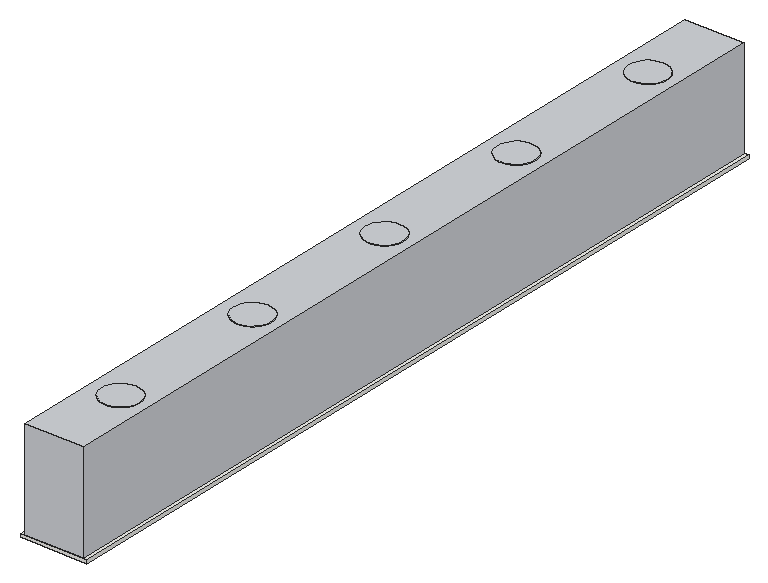
Revit family "MADEL_GRILL_LINEAR_LMT-15+(PLRX) – (5.D1)_tarifa", category Terminales de aire, Revit 2015
Parameters (values of type "LMT-15+PLRX 1300x75")
  n_factor [instance] = 30.587  # constant formula
  m_factor = 1.8995  # constant formula
  c_factor [instance] = 1.4086  # constant formula
  b_factor = 0.2676  # constant formula
  V1 [instance] = if(or(ARI, ARD, INT), 1 = 0, 1 = 1)  # yes
  Revit Version = "Revit 2015 - Englsih"  # constant formula
  Review Date = "11/2016"  # constant formula
  Q_Connector [instance] = Q / 5  # 108.799 m³/h
  Q [instance] = 543.996 m³/h
  Product Type [instance] = Modelo  # "LMT-15+PLRX 1300x75"
  Product Size = "1300x75"
  Product Reference [instance] = if(PLRX, if(AIS, if(R, if(SP, if(DD, if(Nº Options = 7, if([(S)], if(ARD, "LMT-15-DD-ARD+SP+PLRX+AIS+R (S)", if(INT, "LMT-15-DD-INT+SP+PLRX+AIS+R (S)", if(ARI, "LMT-15-DD-ARI+SP+PLRX+AIS+R (S)", "Consult Manufacturer"))), if([(O)], if(ARD, "LMT-15-DD-ARD+SP+PLRX+AIS+R (O)", if(INT, "LMT-15-DD-INT+SP+PLRX+AIS+R (O)", if(ARI, "LMT-15-DD-ARI+SP+PLRX+AIS+R (O)", "Consult Manufacturer"))), "Consult Manufacturer")), if(Nº Options = 6, if(ARD, "LMT-15-DD-ARD+SP+PLRX+AIS+R", if([(S)], "LMT-15-DD+SP+PLRX+AIS+R (S)", if([(O)], "LMT-15-DD+SP+PLRX+AIS+R (O)", if(INT, "LMT-15-DD-INT+SP+PLRX+AIS+R", if(ARI, "LMT-15-DD-ARI+SP+PLRX+AIS+R", "Consult Manufacturer"))))), if(Nº Options = 5, "LMT-15-DD+SP+PLRX+AIS+R", "Consult Manufacturer"))), if(Nº Options = 6, if([(S)], if(ARD, "LMT-15-ARD+SP+PLRX+AIS+R (S)", if(INT, "LMT-15-INT+SP+PLRX+AIS+R (S)", if(ARI, "LMT-15-ARI+SP+PLRX+AIS+R (S)", "Consult Manufacturer"))), if([(O)], if(ARD, "LMT-15-ARD+SP+PLRX+AIS+R (O)", if(INT, "LMT-15-INT+SP+PLRX+AIS+R (O)", if(ARI, "LMT-15-ARI+SP+PLRX+AIS+R (O)", "Consult Manufacturer"))), "Consult Manufacturer")), if(Nº Options = 5, if(ARD, "LMT-15-ARD+SP+PLRX+AIS+R", if([(S)], "LMT-15+SP+PLRX+AIS+R (S)", if([(O)], "LMT-15+SP+PLRX+AIS+R (O)", if(INT, "LMT-15-INT+SP+PLRX+AIS+R", if(ARI, "LMT-15-ARI+SP+PLRX+AIS+R", "Consult Manufacturer"))))), if(Nº Options = 4, "LMT-15+SP+PLRX+AIS+R", "Consult Manufacturer")))), if(DD, if(Nº Options = 6, if([(S)], if(ARD, "LMT-15-DD-ARD+PLRX+AIS+R (S)", if(INT, "LMT-15-DD-INT+PLRX+AIS+R (S)", if(ARI, "LMT-15-DD-ARI+PLRX+AIS+R (S)", "Consult Manufacturer"))), if([(O)], if(ARD, "LMT-15-DD-ARD+PLRX+AIS+R (O)", if(INT, "LMT-15-DD-INT+PLRX+AIS+R (O)", if(ARI, "LMT-15-DD-ARI+PLRX+AIS+R (O)", "Consult Manufacturer"))), "Consult Manufacturer")), if(Nº Options = 5, if(ARD, "LMT-15-DD-ARD+PLRX+AIS+R", if([(S)], "LMT-15-DD+PLRX+AIS+R (S)", if([(O)], "LMT-15-DD+PLRX+AIS+R (O)", if(INT, "LMT-15-DD-INT+PLRX+AIS+R", if(ARI, "LMT-15-DD-ARI+PLRX+AIS+R", "Consult Manufacturer"))))), if(Nº Options = 4, "LMT-15-DD+PLRX+AIS+R", "Consult Manufacturer"))), if(Nº Options = 4, if(ARD, "LMT-15-ARD+PLRX+AIS+R", if(INT, "LMT-15-INT+PLRX+AIS+R", if(ARI, "LMT-15-ARI+PLRX+AIS+R", if([(S)], "LMT-15+PLRX+AIS+R (S)", if([(O)], "LMT-15+PLRX+AIS+R (O)", "Consult Manufacturer"))))), if(Nº Options = 5, if([(S)], if(ARD, "LMT-15-ARD+PLRX+AIS+R (S)", if(INT, "LMT-15-INT+PLRX+AIS+R (S)", if(ARI, "LMT-15-ARI+PLRX+AIS+R (S)", "Consult Manufacturer"))), if([(O)], if(ARD, "LMT-15-ARD+PLRX+AIS+R (O)", if(INT, "LMT-15-INT+PLRX+AIS+R (O)", if(ARI, "LMT-15-ARI+PLRX+AIS+R (O)", "Consult Manufacturer"))), "Consult Manufacturer")), if(Nº Options = 3, "LMT-15+PLRX+AIS+R", "Consult Manufacturer"))))), if(SP, if(DD, if(Nº Options = 6, if([(S)], if(ARD, "LMT-15-DD-ARD+SP+PLRX+AIS (S)", if(INT, "LMT-15-DD-INT+SP+PLRX+AIS (S)", if(ARI, "LMT-15-DD-ARI+SP+PLRX+AIS (S)", "Consult Manufacturer"))), if([(O)], if(ARD, "LMT-15-DD-ARD+SP+PLRX+AIS (O)", if(INT, "LMT-15-DD-INT+SP+PLRX+AIS (O)", if(ARI, "LMT-15-DD-ARI+SP+PLRX+AIS (O)", "Consult Manufacturer"))), "Consult Manufacturer")), if(Nº Options = 5, if(ARD, "LMT-15-DD-ARD+SP+PLRX+AIS", if([(S)], "LMT-15-DD+SP+PLRX+AIS (S)", if([(O)], "LMT-15-DD+SP+PLRX+AIS (O)", if(INT, "LMT-15-DD-INT+SP+PLRX+AIS", if(ARI, "LMT-15-DD-ARI+SP+PLRX+AIS", "Consult Manufacturer"))))), if(Nº Options = 4, "LMT-15-DD+SP+PLRX+AIS", "Consult Manufacturer"))), if(Nº Options = 5, if([(S)], if(ARD, "LMT-15-ARD+SP+PLRX+AIS (S)", if(INT, "LMT-15-INT+SP+PLRX+AIS (S)", if(ARI, "LMT-15-ARI+SP+PLRX+AIS (S)", "Consult Manufacturer"))), if([(O)], if(ARD, "LMT-15-ARD+SP+PLRX+AIS (O)", if(INT, "LMT-15-INT+SP+PLRX+AIS (O)", if(ARI, "LMT-15-ARI+SP+PLRX+AIS (O)", "Consult Manufacturer"))), "Consult Manufacturer")), if(Nº Options = 4, if(ARD, "LMT-15-ARD+SP+PLRX+AIS", if([(S)], "LMT-15+SP+PLRX+AIS (S)", if([(O)], "LMT-15+SP+PLRX+AIS (O)", if(INT, "LMT-15-INT+SP+PLRX+AIS", if(ARI, "LMT-15-ARI+SP+PLRX+AIS", "Consult Manufacturer"))))), if(Nº Options = 3, "LMT-15+SP+PLRX+AIS", "Consult Manufacturer")))), if(DD, if(Nº Options = 5, if([(S)], if(ARD, "LMT-15-DD-ARD+PLRX+AIS (S)", if(INT, "LMT-15-DD-INT+PLRX+AIS (S)", if(ARI, "LMT-15-DD-ARI+PLRX+AIS (S)", "Consult Manufacturer"))), if([(O)], if(ARD, "LMT-15-DD-ARD+PLRX+AIS (O)", if(INT, "LMT-15-DD-INT+PLRX+AIS (O)", if(ARI, "LMT-15-DD-ARI+PLRX+AIS (O)", "Consult Manufacturer"))), "Consult Manufacturer")), if(Nº Options = 4, if(ARD, "LMT-15-DD-ARD+PLRX+AIS", if([(S)], "LMT-15-DD+PLRX+AIS (S)", if([(O)], "LMT-15-DD+PLRX+AIS (O)", if(INT, "LMT-15-DD-INT+PLRX+AIS", if(ARI, "LMT-15-DD-ARI+PLRX+AIS", "Consult Manufacturer"))))), if(Nº Options = 3, "LMT-15-DD+PLRX+AIS", "Consult Manufacturer"))), if(Nº Options = 3, if(ARD, "LMT-15-ARD+PLRX+AIS", if(INT, "LMT-15-INT+PLRX+AIS", if(ARI, "LMT-15-ARI+PLRX+AIS", if([(S)], "LMT-15+PLRX+AIS (S)", if([(O)], "LMT-15+PLRX+AIS (O)", "Consult Manufacturer"))))), if(Nº Options = 4, if([(S)], if(ARD, "LMT-15-ARD+PLRX+AIS (S)", if(INT, "LMT-15-INT+PLRX+AIS (S)", if(ARI, "LMT-15-ARI+PLRX+AIS (S)", "Consult Manufacturer"))), if([(O)], if(ARD, "LMT-15-ARD+PLRX+AIS (O)", if(INT, "LMT-15-INT+PLRX+AIS (O)", if(ARI, "LMT-15-ARI+PLRX+AIS (O)", "Consult Manufacturer"))), "Consult Manufacturer")), if(Nº Options = 2, "LMT-15+PLRX+AIS", "Consult Manufacturer")))))), if(R, if(SP, if(DD, if(Nº Options = 6, if([(S)], if(ARD, "LMT-15-DD-ARD+SP+PLRX+R (S)", if(INT, "LMT-15-DD-INT+SP+PLRX+R (S)", if(ARI, "LMT-15-DD-ARI+SP+PLRX+R (S)", "Consult Manufacturer"))), if([(O)], if(ARD, "LMT-15-DD-ARD+SP+PLRX+R (O)", if(INT, "LMT-15-DD-INT+SP+PLRX+R (O)", if(ARI, "LMT-15-DD-ARI+SP+PLRX+R (O)", "Consult Manufacturer"))), "Consult Manufacturer")), if(Nº Options = 5, if(ARD, "LMT-15-DD-ARD+SP+PLRX+R", if([(S)], "LMT-15-DD+SP+PLRX+R (S)", if([(O)], "LMT-15-DD+SP+PLRX+R (O)", if(INT, "LMT-15-DD-INT+SP+PLRX+R", if(ARI, "LMT-15-DD-ARI+SP+PLRX+R", "Consult Manufacturer"))))), if(Nº Options = 4, "LMT-15-DD+SP+PLRX+R", "Consult Manufacturer"))), if(Nº Options = 5, if([(S)], if(ARD, "LMT-15-ARD+SP+PLRX+R (S)", if(INT, "LMT-15-INT+SP+PLRX+R (S)", if(ARI, "LMT-15-ARI+SP+PLRX+R (S)", "Consult Manufacturer"))), if([(O)], if(ARD, "LMT-15-ARD+SP+PLRX+R (O)", if(INT, "LMT-15-INT+SP+PLRX+R (O)", if(ARI, "LMT-15-ARI+SP+PLRX+R (O)", "Consult Manufacturer"))), "Consult Manufacturer")), if(Nº Options = 4, if(ARD, "LMT-15-ARD+SP+PLRX+R", if([(S)], "LMT-15+SP+PLRX+R (S)", if([(O)], "LMT-15+SP+PLRX+R (O)", if(INT, "LMT-15-INT+SP+PLRX+R", if(ARI, "LMT-15-ARI+SP+PLRX+R", "Consult Manufacturer"))))), if(Nº Options = 3, "LMT-15+SP+PLRX+R", "Consult Manufacturer")))), if(DD, if(Nº Options = 5, if([(S)], if(ARD, "LMT-15-DD-ARD+PLRX+R (S)", if(INT, "LMT-15-DD-INT+PLRX+R (S)", if(ARI, "LMT-15-DD-ARI+PLRX+R (S)", "Consult Manufacturer"))), if([(O)], if(ARD, "LMT-15-DD-ARD+PLRX+R (O)", if(INT, "LMT-15-DD-INT+PLRX+R (O)", if(ARI, "LMT-15-DD-ARI+PLRX+R (O)", "Consult Manufacturer"))), "Consult Manufacturer")), if(Nº Options = 4, if(ARD, "LMT-15-DD-ARD+PLRX+R", if([(S)], "LMT-15-DD+PLRX+R (S)", if([(O)], "LMT-15-DD+PLRX+R (O)", if(INT, "LMT-15-DD-INT+PLRX+R", if(ARI, "LMT-15-DD-ARI+PLRX+R", "Consult Manufacturer"))))), if(Nº Options = 3, "LMT-15-DD+PLRX+R", "Consult Manufacturer"))), if(Nº Options = 3, if(ARD, "LMT-15-ARD+PLRX+R", if(INT, "LMT-15-INT+PLRX+R", if(ARI, "LMT-15-ARI+PLRX+R", if([(S)], "LMT-15+PLRX+R (S)", if([(O)], "LMT-15+PLRX+R (O)", "Consult Manufacturer"))))), if(Nº Options = 4, if([(S)], if(ARD, "LMT-15-ARD+PLRX+R (S)", if(INT, "LMT-15-INT+PLRX+R (S)", if(ARI, "LMT-15-ARI+PLRX+R (S)", "Consult Manufacturer"))), if([(O)], if(ARD, "LMT-15-ARD+PLRX+R (O)", if(INT, "LMT-15-INT+PLRX+R (O)", if(ARI, "LMT-15-ARI+PLRX+R (O)", "Consult Manufacturer"))), "Consult Manufacturer")), if(Nº Options = 2, "LMT-15+PLRX+R", "Consult Manufacturer"))))), if(SP, if(DD, if(Nº Options = 5, if([(S)], if(ARD, "LMT-15-DD-ARD+SP+PLRX (S)", if(INT, "LMT-15-DD-INT+SP+PLRX (S)", if(ARI, "LMT-15-DD-ARI+SP+PLRX (S)", "Consult Manufacturer"))), if([(O)], if(ARD, "LMT-15-DD-ARD+SP+PLRX (O)", if(INT, "LMT-15-DD-INT+SP+PLRX (O)", if(ARI, "LMT-15-DD-ARI+SP+PLRX (O)", "Consult Manufacturer"))), "Consult Manufacturer")), if(Nº Options = 4, if(ARD, "LMT-15-DD-ARD+SP+PLRX", if([(S)], "LMT-15-DD+SP+PLRX (S)", if([(O)], "LMT-15-DD+SP+PLRX (O)", if(INT, "LMT-15-DD-INT+SP+PLRX", if(ARI, "LMT-15-DD-ARI+SP+PLRX", "Consult Manufacturer"))))), if(Nº Options = 3, "LMT-15-DD+SP+PLRX", "Consult Manufacturer"))), if(Nº Options = 4, if([(S)], if(ARD, "LMT-15-ARD+SP+PLRX (S)", if(INT, "LMT-15-INT+SP+PLRX (S)", if(ARI, "LMT-15-ARI+SP+PLRX (S)", "Consult Manufacturer"))), if([(O)], if(ARD, "LMT-15-ARD+SP+PLRX (O)", if(INT, "LMT-15-INT+SP+PLRX (O)", if(ARI, "LMT-15-ARI+SP+PLRX (O)", "Consult Manufacturer"))), "Consult Manufacturer")), if(Nº Options = 3, if(ARD, "LMT-15-ARD+SP+PLRX", if([(S)], "LMT-15+SP+PLRX (S)", if([(O)], "LMT-15+SP+PLRX (O)", if(INT, "LMT-15-INT+SP+PLRX", if(ARI, "LMT-15-ARI+SP+PLRX", "Consult Manufacturer"))))), if(Nº Options = 2, "LMT-15+SP+PLRX", "Consult Manufacturer")))), if(DD, if(Nº Options = 4, if([(S)], if(ARD, "LMT-15-DD-ARD+PLRX (S)", if(INT, "LMT-15-DD-INT+PLRX (S)", if(ARI, "LMT-15-DD-ARI+PLRX (S)", "Consult Manufacturer"))), if([(O)], if(ARD, "LMT-15-DD-ARD+PLRX (O)", if(INT, "LMT-15-DD-INT+PLRX (O)", if(ARI, "LMT-15-DD-ARI+PLRX (O)", "Consult Manufacturer"))), "Consult Manufacturer")), if(Nº Options = 3, if(ARD, "LMT-15-DD-ARD+PLRX", if([(S)], "LMT-15-DD+PLRX (S)", if([(O)], "LMT-15-DD+PLRX (O)", if(INT, "LMT-15-DD-INT+PLRX", if(ARI, "LMT-15-DD-ARI+PLRX", "Consult Manufacturer"))))), if(Nº Options = 2, "LMT-15-DD+PLRX", "Consult Manufacturer"))), if(Nº Options = 2, if(ARD, "LMT-15-ARD+PLRX", if(INT, "LMT-15-INT+PLRX", if(ARI, "LMT-15-ARI+PLRX", if([(S)], "LMT-15+PLRX (S)", if([(O)], "LMT-15+PLRX (O)", "Consult Manufacturer"))))), if(Nº Options = 3, if([(S)], if(ARD, "LMT-15-ARD+PLRX (S)", if(INT, "LMT-15-INT+PLRX (S)", if(ARI, "LMT-15-ARI+PLRX (S)", "Consult Manufacturer"))), if([(O)], if(ARD, "LMT-15-ARD+PLRX (O)", if(INT, "LMT-15-INT+PLRX (O)", if(ARI, "LMT-15-ARI+PLRX (O)", "Consult Manufacturer"))), "Consult Manufacturer")), if(Nº Options = 1, "LMT-15+PLRX", "Consult Manufacturer"))))))), if([PLRX/L], if(AIS, if(R, if(SP, if(DD, if(Nº Options = 7, if([(S)], if(ARD, "LMT-15-DD-ARD+SP+PLRX/L+AIS+R (S)", if(INT, "LMT-15-DD-INT+SP+PLRX/L+AIS+R (S)", if(ARI, "LMT-15-DD-ARI+SP+PLRX/L+AIS+R (S)", "Consult Manufacturer"))), if([(O)], if(ARD, "LMT-15-DD-ARD+SP+PLRX/L+AIS+R (O)", if(INT, "LMT-15-DD-INT+SP+PLRX/L+AIS+R (O)", if(ARI, "LMT-15-DD-ARI+SP+PLRX/L+AIS+R (O)", "Consult Manufacturer"))), "Consult Manufacturer")), if(Nº Options = 6, if(ARD, "LMT-15-DD-ARD+SP+PLRX/L+AIS+R", if([(S)], "LMT-15-DD+SP+PLRX/L+AIS+R (S)", if([(O)], "LMT-15-DD+SP+PLRX/L+AIS+R (O)", if(INT, "LMT-15-DD-INT+SP+PLRX/L+AIS+R", if(ARI, "LMT-15-DD-ARI+SP+PLRX/L+AIS+R", "Consult Manufacturer"))))), if(Nº Options = 5, "LMT-15-DD+SP+PLRX/L+AIS+R", "Consult Manufacturer"))), if(Nº Options = 6, if([(S)], if(ARD, "LMT-15-ARD+SP+PLRX/L+AIS+R (S)", if(INT, "LMT-15-INT+SP+PLRX/L+AIS+R (S)", if(ARI, "LMT-15-ARI+SP+PLRX/L+AIS+R (S)", "Consult Manufacturer"))), if([(O)], if(ARD, "LMT-15-ARD+SP+PLRX/L+AIS+R (O)", if(INT, "LMT-15-INT+SP+PLRX/L+AIS+R (O)", if(ARI, "LMT-15-ARI+SP+PLRX/L+AIS+R (O)", "Consult Manufacturer"))), "Consult Manufacturer")), if(Nº Options = 5, if(ARD, "LMT-15-ARD+SP+PLRX/L+AIS+R", if([(S)], "LMT-15+SP+PLRX/L+AIS+R (S)", if([(O)], "LMT-15+SP+PLRX/L+AIS+R (O)", if(INT, "LMT-15-INT+SP+PLRX/L+AIS+R", if(ARI, "LMT-15-ARI+SP+PLRX/L+AIS+R", "Consult Manufacturer"))))), if(Nº Options = 4, "LMT-15+SP+PLRX/L+AIS+R", "Consult Manufacturer")))), if(DD, if(Nº Options = 6, if([(S)], if(ARD, "LMT-15-DD-ARD+PLRX/L+AIS+R (S)", if(INT, "LMT-15-DD-INT+PLRX/L+AIS+R (S)", if(ARI, "LMT-15-DD-ARI+PLRX/L+AIS+R (S)", "Consult Manufacturer"))), if([(O)], if(ARD, "LMT-15-DD-ARD+PLRX/L+AIS+R (O)", if(INT, "LMT-15-DD-INT+PLRX/L+AIS+R (O)", if(ARI, "LMT-15-DD-ARI+PLRX/L+AIS+R (O)", "Consult Manufacturer"))), "Consult Manufacturer")), if(Nº Options = 5, if(ARD, "LMT-15-DD-ARD+PLRX/L+AIS+R", if([(S)], "LMT-15-DD+PLRX/L+AIS+R (S)", if([(O)], "LMT-15-DD+PLRX/L+AIS+R (O)", if(INT, "LMT-15-DD-INT+PLRX/L+AIS+R", if(ARI, "LMT-15-DD-ARI+PLRX/L+AIS+R", "Consult Manufacturer"))))), if(Nº Options = 4, "LMT-15-DD+PLRX/L+AIS+R", "Consult Manufacturer"))), if(Nº Options = 4, if(ARD, "LMT-15-ARD+PLRX/L+AIS+R", if(INT, "LMT-15-INT+PLRX/L+AIS+R", if(ARI, "LMT-15-ARI+PLRX/L+AIS+R", if([(S)], "LMT-15+PLRX/L+AIS+R (S)", if([(O)], "LMT-15+PLRX/L+AIS+R (O)", "Consult Manufacturer"))))), if(Nº Options = 5, if([(S)], if(ARD, "LMT-15-ARD+PLRX/L+AIS+R (S)", if(INT, "LMT-15-INT+PLRX/L+AIS+R (S)", if(ARI, "LMT-15-ARI+PLRX/L+AIS+R (S)", "Consult Manufacturer"))), if([(O)], if(ARD, "LMT-15-ARD+PLRX/L+AIS+R (O)", if(INT, "LMT-15-INT+PLRX/L+AIS+R (O)", if(ARI, "LMT-15-ARI+PLRX/L+AIS+R (O)", "Consult Manufacturer"))), "Consult Manufacturer")), if(Nº Options = 3, "LMT-15+PLRX/L+AIS+R", "Consult Manufacturer"))))), if(SP, if(DD, if(Nº Options = 6, if([(S)], if(ARD, "LMT-15-DD-ARD+SP+PLRX/L+AIS (S)", if(INT, "LMT-15-DD-INT+SP+PLRX/L+AIS (S)", if(ARI, "LMT-15-DD-ARI+SP+PLRX/L+AIS (S)", "Consult Manufacturer"))), if([(O)], if(ARD, "LMT-15-DD-ARD+SP+PLRX/L+AIS (O)", if(INT, "LMT-15-DD-INT+SP+PLRX/L+AIS (O)", if(ARI, "LMT-15-DD-ARI+SP+PLRX/L+AIS (O)", "Consult Manufacturer"))), "Consult Manufacturer")), if(Nº Options = 5, if(ARD, "LMT-15-DD-ARD+SP+PLRX/L+AIS", if([(S)], "LMT-15-DD+SP+PLRX/L+AIS (S)", if([(O)], "LMT-15-DD+SP+PLRX/L+AIS (O)", if(INT, "LMT-15-DD-INT+SP+PLRX/L+AIS", if(ARI, "LMT-15-DD-ARI+SP+PLRX/L+AIS", "Consult Manufacturer"))))), if(Nº Options = 4, "LMT-15-DD+SP+PLRX/L+AIS", "Consult Manufacturer"))), if(Nº Options = 5, if([(S)], if(ARD, "LMT-15-ARD+SP+PLRX/L+AIS (S)", if(INT, "LMT-15-INT+SP+PLRX/L+AIS (S)", if(ARI, "LMT-15-ARI+SP+PLRX/L+AIS (S)", "Consult Manufacturer"))), if([(O)], if(ARD, "LMT-15-ARD+SP+PLRX/L+AIS (O)", if(INT, "LMT-15-INT+SP+PLRX/L+AIS (O)", if(ARI, "LMT-15-ARI+SP+PLRX/L+AIS (O)", "Consult Manufacturer"))), "Consult Manufacturer")), if(Nº Options = 4, if(ARD, "LMT-15-ARD+SP+PLRX/L+AIS", if([(S)], "LMT-15+SP+PLRX/L+AIS (S)", if([(O)], "LMT-15+SP+PLRX/L+AIS (O)", if(INT, "LMT-15-INT+SP+PLRX/L+AIS", if(ARI, "LMT-15-ARI+SP+PLRX/L+AIS", "Consult Manufacturer"))))), if(Nº Options = 3, "LMT-15+SP+PLRX/L+AIS", "Consult Manufacturer")))), if(DD, if(Nº Options = 5, if([(S)], if(ARD, "LMT-15-DD-ARD+PLRX/L+AIS (S)", if(INT, "LMT-15-DD-INT+PLRX/L+AIS (S)", if(ARI, "LMT-15-DD-ARI+PLRX/L+AIS (S)", "Consult Manufacturer"))), if([(O)], if(ARD, "LMT-15-DD-ARD+PLRX/L+AIS (O)", if(INT, "LMT-15-DD-INT+PLRX/L+AIS (O)", if(ARI, "LMT-15-DD-ARI+PLRX/L+AIS (O)", "Consult Manufacturer"))), "Consult Manufacturer")), if(Nº Options = 4, if(ARD, "LMT-15-DD-ARD+PLRX/L+AIS", if([(S)], "LMT-15-DD+PLRX/L+AIS (S)", if([(O)], "LMT-15-DD+PLRX/L+AIS (O)", if(INT, "LMT-15-DD-INT+PLRX/L+AIS", if(ARI, "LMT-15-DD-ARI+PLRX/L+AIS", "Consult Manufacturer"))))), if(Nº Options = 3, "LMT-15-DD+PLRX/L+AIS", "Consult Manufacturer"))), if(Nº Options = 3, if(ARD, "LMT-15-ARD+PLRX/L+AIS", if(INT, "LMT-15-INT+PLRX/L+AIS", if(ARI, "LMT-15-ARI+PLRX/L+AIS", if([(S)], "LMT-15+PLRX/L+AIS (S)", if([(O)], "LMT-15+PLRX/L+AIS (O)", "Consult Manufacturer"))))), if(Nº Options = 4, if([(S)], if(ARD, "LMT-15-ARD+PLRX/L+AIS (S)", if(INT, "LMT-15-INT+PLRX/L+AIS (S)", if(ARI, "LMT-15-ARI+PLRX/L+AIS (S)", "Consult Manufacturer"))), if([(O)], if(ARD, "LMT-15-ARD+PLRX/L+AIS (O)", if(INT, "LMT-15-INT+PLRX/L+AIS (O)", if(ARI, "LMT-15-ARI+PLRX/L+AIS (O)", "Consult Manufacturer"))), "Consult Manufacturer")), if(Nº Options = 2, "LMT-15+PLRX/L+AIS", "Consult Manufacturer")))))), if(R, if(SP, if(DD, if(Nº Options = 6, if([(S)], if(ARD, "LMT-15-DD-ARD+SP+PLRX/L+R (S)", if(INT, "LMT-15-DD-INT+SP+PLRX/L+R (S)", if(ARI, "LMT-15-DD-ARI+SP+PLRX/L+R (S)", "Consult Manufacturer"))), if([(O)], if(ARD, "LMT-15-DD-ARD+SP+PLRX/L+R (O)", if(INT, "LMT-15-DD-INT+SP+PLRX/L+R (O)", if(ARI, "LMT-15-DD-ARI+SP+PLRX/L+R (O)", "Consult Manufacturer"))), "Consult Manufacturer")), if(Nº Options = 5, if(ARD, "LMT-15-DD-ARD+SP+PLRX/L+R", if([(S)], "LMT-15-DD+SP+PLRX/L+R (S)", if([(O)], "LMT-15-DD+SP+PLRX/L+R (O)", if(INT, "LMT-15-DD-INT+SP+PLRX/L+R", if(ARI, "LMT-15-DD-ARI+SP+PLRX/L+R", "Consult Manufacturer"))))), if(Nº Options = 4, "LMT-15-DD+SP+PLRX/L+R", "Consult Manufacturer"))), if(Nº Options = 5, if([(S)], if(ARD, "LMT-15-ARD+SP+PLRX/L+R (S)", if(INT, "LMT-15-INT+SP+PLRX/L+R (S)", if(ARI, "LMT-15-ARI+SP+PLRX/L+R (S)", "Consult Manufacturer"))), if([(O)], if(ARD, "LMT-15-ARD+SP+PLRX/L+R (O)", if(INT, "LMT-15-INT+SP+PLRX/L+R (O)", if(ARI, "LMT-15-ARI+SP+PLRX/L+R (O)", "Consult Manufacturer"))), "Consult Manufacturer")), if(Nº Options = 4, if(ARD, "LMT-15-ARD+SP+PLRX/L+R", if([(S)], "LMT-15+SP+PLRX/L+R (S)", if([(O)], "LMT-15+SP+PLRX/L+R (O)", if(INT, "LMT-15-INT+SP+PLRX/L+R", if(ARI, "LMT-15-ARI+SP+PLRX/L+R", "Consult Manufacturer"))))), if(Nº Options = 3, "LMT-15+SP+PLRX/L+R", "Consult Manufacturer")))), if(DD, if(Nº Options = 5, if([(S)], if(ARD, "LMT-15-DD-ARD+PLRX/L+R (S)", if(INT, "LMT-15-DD-INT+PLRX/L+R (S)", if(ARI, "LMT-15-DD-ARI+PLRX/L+R (S)", "Consult Manufacturer"))), if([(O)], if(ARD, "LMT-15-DD-ARD+PLRX/L+R (O)", if(INT, "LMT-15-DD-INT+PLRX/L+R (O)", if(ARI, "LMT-15-DD-ARI+PLRX/L+R (O)", "Consult Manufacturer"))), "Consult Manufacturer")), if(Nº Options = 4, if(ARD, "LMT-15-DD-ARD+PLRX/L+R", if([(S)], "LMT-15-DD+PLRX/L+R (S)", if([(O)], "LMT-15-DD+PLRX/L+R (O)", if(INT, "LMT-15-DD-INT+PLRX/L+R", if(ARI, "LMT-15-DD-ARI+PLRX/L+R", "Consult Manufacturer"))))), if(Nº Options = 3, "LMT-15-DD+PLRX/L+R", "Consult Manufacturer"))), if(Nº Options = 3, if(ARD, "LMT-15-ARD+PLRX/L+R", if(INT, "LMT-15-INT+PLRX/L+R", if(ARI, "LMT-15-ARI+PLRX/L+R", if([(S)], "LMT-15+PLRX/L+R (S)", if([(O)], "LMT-15+PLRX/L+R (O)", "Consult Manufacturer"))))), if(Nº Options = 4, if([(S)], if(ARD, "LMT-15-ARD+PLRX/L+R (S)", if(INT, "LMT-15-INT+PLRX/L+R (S)", if(ARI, "LMT-15-ARI+PLRX/L+R (S)", "Consult Manufacturer"))), if([(O)], if(ARD, "LMT-15-ARD+PLRX/L+R (O)", if(INT, "LMT-15-INT+PLRX/L+R (O)", if(ARI, "LMT-15-ARI+PLRX/L+R (O)", "Consult Manufacturer"))), "Consult Manufacturer")), if(Nº Options = 2, "LMT-15+PLRX/L+R", "Consult Manufacturer"))))), if(SP, if(DD, if(Nº Options = 5, if([(S)], if(ARD, "LMT-15-DD-ARD+SP+PLRX/L (S)", if(INT, "LMT-15-DD-INT+SP+PLRX/L (S)", if(ARI, "LMT-15-DD-ARI+SP+PLRX/L (S)", "Consult Manufacturer"))), if([(O)], if(ARD, "LMT-15-DD-ARD+SP+PLRX/L (O)", if(INT, "LMT-15-DD-INT+SP+PLRX/L (O)", if(ARI, "LMT-15-DD-ARI+SP+PLRX/L (O)", "Consult Manufacturer"))), "Consult Manufacturer")), if(Nº Options = 4, if(ARD, "LMT-15-DD-ARD+SP+PLRX/L", if([(S)], "LMT-15-DD+SP+PLRX/L (S)", if([(O)], "LMT-15-DD+SP+PLRX/L (O)", if(INT, "LMT-15-DD-INT+SP+PLRX/L", if(ARI, "LMT-15-DD-ARI+SP+PLRX/L", "Consult Manufacturer"))))), if(Nº Options = 3, "LMT-15-DD+SP+PLRX/L", "Consult Manufacturer"))), if(Nº Options = 4, if([(S)], if(ARD, "LMT-15-ARD+SP+PLRX/L (S)", if(INT, "LMT-15-INT+SP+PLRX/L (S)", if(ARI, "LMT-15-ARI+SP+PLRX/L (S)", "Consult Manufacturer"))), if([(O)], if(ARD, "LMT-15-ARD+SP+PLRX/L (O)", if(INT, "LMT-15-INT+SP+PLRX/L (O)", if(ARI, "LMT-15-ARI+SP+PLRX/L (O)", "Consult Manufacturer"))), "Consult Manufacturer")), if(Nº Options = 3, if(ARD, "LMT-15-ARD+SP+PLRX/L", if([(S)], "LMT-15+SP+PLRX/L (S)", if([(O)], "LMT-15+SP+PLRX/L (O)", if(INT, "LMT-15-INT+SP+PLRX/L", if(ARI, "LMT-15-ARI+SP+PLRX/L", "Consult Manufacturer"))))), if(Nº Options = 2, "LMT-15+SP+PLRX/L", "Consult Manufacturer")))), if(DD, if(Nº Options = 4, if([(S)], if(ARD, "LMT-15-DD-ARD+PLRX/L (S)", if(INT, "LMT-15-DD-INT+PLRX/L (S)", if(ARI, "LMT-15-DD-ARI+PLRX/L (S)", "Consult Manufacturer"))), if([(O)], if(ARD, "LMT-15-DD-ARD+PLRX/L (O)", if(INT, "LMT-15-DD-INT+PLRX/L (O)", if(ARI, "LMT-15-DD-ARI+PLRX/L (O)", "Consult Manufacturer"))), "Consult Manufacturer")), if(Nº Options = 3, if(ARD, "LMT-15-DD-ARD+PLRX/L", if([(S)], "LMT-15-DD+PLRX/L (S)", if([(O)], "LMT-15-DD+PLRX/L (O)", if(INT, "LMT-15-DD-INT+PLRX/L", if(ARI, "LMT-15-DD-ARI+PLRX/L", "Consult Manufacturer"))))), if(Nº Options = 2, "LMT-15-DD+PLRX/L", "Consult Manufacturer"))), if(Nº Options = 2, if(ARD, "LMT-15-ARD+PLRX/L", if(INT, "LMT-15-INT+PLRX/L", if(ARI, "LMT-15-ARI+PLRX/L", if([(S)], "LMT-15+PLRX/L (S)", if([(O)], "LMT-15+PLRX/L (O)", "Consult Manufacturer"))))), if(Nº Options = 3, if([(S)], if(ARD, "LMT-15-ARD+PLRX/L (S)", if(INT, "LMT-15-INT+PLRX/L (S)", if(ARI, "LMT-15-ARI+PLRX/L (S)", "Consult Manufacturer"))), if([(O)], if(ARD, "LMT-15-ARD+PLRX/L (O)", if(INT, "LMT-15-INT+PLRX/L (O)", if(ARI, "LMT-15-ARI+PLRX/L (O)", "Consult Manufacturer"))), "Consult Manufacturer")), if(Nº Options = 1, "LMT-15+PLRX/L", "Consult Manufacturer"))))))), "Consult Manufacturer"))  # "LMT-15+SP+PLRX+AIS+R"
  Plenum Connection Type [instance] = if(PLRX, "Upper", "Lateral")  # "Upper"
  PLRX/L = if(PLRX, 1 = 0, 1 = 1)  # no
  PLRX = 1 = 1  # yes
  Nº Plenum Connections = 5  # constant formula
  Nº Options [instance] = if(PLRX, 1, 0) + if([PLRX/L], 1, 0) + if(DD, 1, 0) + if(ARI, 1, 0) + if(ARD, 1, 0) + if(INT, 1, 0) + if(R, 1, 0) + if(AIS, 1, 0) + if(SP, 1, 0) + if([(S)], 1, 0) + if([(O)], 1, 0)  # 4
  Nº Finishes [instance] = if(AA, 1, 0) + if(M9016, 1, 0)  # 1
  Nº  Blades = roundup((H1 - 15.0 mm) / 13.0 mm)  # 4
  N_Graphic lines = (H / 40.0 mm) - (L / 1.0 mm) + (L / 1.0 mm)  # 2
  Vmin = 2.0 m/s  # constant formula
  Vmed = 3.65 m/s  # constant formula
  Vmax = 4.8 m/s  # constant formula
  V[m/s] [instance] = Q / Afree / 1.0 m/s  # 3.65
  URL = "http://www.madel.com/en/producto/lmt-linear-grilles/"
  SP [instance] = yes
  RAL [instance] = ""
  R [instance] = yes
  Modelo = "LMT-15+PLRX 1300x75"
  Material and finishes [instance] = if(and(AA, Nº Finishes = 1), "AA", if(and(M9016, Nº Finishes = 1), "M9016", if(Nº Finishes = 0, "Custom RAL", "Consult Manufacturer")))  # "M9016"
  Material Plenum Box = none
  Material Grill = MADEL_M9016
  M9016 [instance] = yes
  Lw (dB(A)) [instance] = n_factor * (log([V[m/s]]) / log(2.7183)) + c_factor  # 41.0104
  L3 = L - 15.0 mm  # 1285.0 mm
  H2 = H1 / (N_Graphic lines + 1)  # 20.0 mm
  L1 [instance] = if(and(SP, DD), 102.0 mm, if(SP, 85.0 mm, if(DD, 42.0 mm, 25.0 mm)))  # 85.0 mm
  L = 1300.0 mm
  Imagen de tipo = <Ninguno>
  IfcExportType = "IfcAirTerminalType"  # constant formula
  IfcExportAs = "IfcAirTerminalType"  # constant formula
  INT [instance] = no
  H1 = H - 15.0 mm  # 60.0 mm
  H = 75.0 mm
  Flujo mín. = Vmin * Afree  # 298.08 m³/h
  Flujo máx. = Vmax * Afree  # 715.392 m³/h
  Fabricante = "MADEL"  # constant formula
  Family Version = "1.0"  # constant formula
  E [instance] = if(or(INT, ARD, ARI), H + 20.0 mm, H + 20.0 mm)  # 95.0 mm
  Description = "MADEL_Linear Grilles\r\n"  # constant formula
  D_Connector = 61.0 mm
  DPt [instance] = (10 ^ (log([V[m/s]]) * m_factor + b_factor)) * 1.0 Pa  # 21.6608 Pa
  DD [instance] = no
  D1 = D_Connector - 2.0 mm  # 59.0 mm
  Comentarios de tipo = "The LMT series grilles are designed to be used in air-conditioning, ventilation and heating. The distance between the blades and the thickness of them give great strength and an aesthetic appearance which makes them ideal for living rooms and locations where decorative factors are of prime importance. They are suitable for supply and extraction in particular or for use in air curtains. They can be placed in ceilings, walls, separate units, fan coils and on the ground."  # constant formula
  Created by = "BIMETRICAL"  # constant formula
  Blade Lenght = L3  # 1285.0 mm
  BIMETRICAL Category = "AirTerminal"  # constant formula
  BIMETRICAL = "http://www.bimetrical.com"  # constant formula
  B [instance] = if(or(INT, ARD, ARI), L3 + 3.0 mm, L + 30.0 mm)  # 1330.0 mm
  Afree = 0.0414 m²
  ARI [instance] = no
  ARD [instance] = no
  AIS [instance] = yes
  AA [instance] = no
  (S) [instance] = no
  (O) [instance] = no
Types (3, lengths in mm): name | Q_Connector | Q | Product Type | Product Size | Modelo | L3 | L | Flujo mín. | Flujo máx. | D_Connector | D1 | Blade Lenght | B | Afree
  LMT-15+PLRX 1300x75 | 108.799 m³/h | 543.996 m³/h | "LMT-15+PLRX 1300x75" | "1300x75" | "LMT-15+PLRX 1300x75" | 1285.0 | 1300.0 | 298.08 m³/h | 715.392 m³/h | 61.0 | 59.0 | 1285.0 | 1330.0 | 0.0414 m²
  LMT-15+PLRX 1400x75 | 117.472 m³/h | 587.358 m³/h | "LMT-15+PLRX 1400x75" | "1400x75" | "LMT-15+PLRX 1400x75" | 1385.0 | 1400.0 | 321.84 m³/h | 772.416 m³/h | 63.0 | 61.0 | 1385.0 | 1430.0 | 0.0447 m²
  LMT-15+PLRX 1500x75 | 125.881 m³/h | 629.406 m³/h | "LMT-15+PLRX 1500x75" | "1500x75" | "LMT-15+PLRX 1500x75" | 1485.0 | 1500.0 | 344.88 m³/h | 827.712 m³/h | 61.0 | 59.0 | 1485.0 | 1530.0 | 0.0479 m²
Reference planes
  plane 1 "Centro (Frontal/Posterior)": z = 0
  plane 2: y = 435
  plane 3 "Centro (Izquierda/Derecha)": x = 0
  plane 4: x = -30
  plane 5: x = 30
  plane 6: y = -207.5
  plane 7: y = 1077.5
  plane 8: z = 85
  plane 9: z = -5
  plane 10: x = -22.5
  plane 11: x = 22.5
Forms (mm)
  Extrusion 1, solid, material "MADEL_M9016" <- "Material Grill", detail levels coarse
    sketch origin (0, 435, 5) x (1, 0, 0) y (0, 0, 1)
      loop
        line (30, -10) -> (30, 80) -> (-30, 80) -> (-30, -10) -> (30, -10)
    from -642.5 to 642.5
  Extrusion 2, solid, material "MADEL_M9016" <- "Material Grill", visible <- "ARI"
    sketch origin (0, -196, 0) x (1, 0, 0) y (0, 1, 0)
      loop
        line (-54, 1297.5) -> (-54, -11.5) -> (-30, -11.5) -> (-30, 1273.5) -> (30, 1273.5) -> (30, -11.5) -> (54, -11.5) -> (54, 1297.5) -> (-54, 1297.5)
    from -5 to 0
  Extrusion 3, solid, material "MADEL_M9016" <- "Material Grill", visible <- "ARD"
    sketch origin (0, -1220, 0) x (1, 0, 0) y (0, 1, 0)
      loop
        line (-54, 988.5) -> (54, 988.5) -> (54, 2297.5) -> (30, 2297.5) -> (30, 1012.5) -> (-30, 1012.5) -> (-30, 2297.5) -> (-54, 2297.5) -> (-54, 988.5)
    from -5 to 0
  Extrusion 4, solid, material "MADEL_M9016" <- "Material Grill", visible <- "V1"
    sketch origin (0, -1220, 0) x (1, 0, 0) y (0, 1, 0)
      loop
        line (-54, 988.5) -> (54, 988.5) -> (54, 2321.5) -> (-54, 2321.5) -> (-54, 988.5)
      loop
        line (-30, 2297.5) -> (-30, 1012.5) -> (30, 1012.5) -> (30, 2297.5) -> (-30, 2297.5)
    from -5 to 0
  Extrusion 5, solid, material "MADEL_M9016" <- "Material Grill", visible <- "INT"
    sketch origin (0, -1220, 0) x (1, 0, 0) y (0, 1, 0)
      loop
        line (-54, 1012.5) -> (-30, 1012.5) -> (-30, 2297.5) -> (-54, 2297.5) -> (-54, 1012.5)
      loop
        line (54, 1012.5) -> (54, 2297.5) -> (30, 2297.5) -> (30, 1012.5) -> (54, 1012.5)
    from -5 to 0
  Extrusion 6, solid, material "MADEL_M9016" <- "Material Grill", detail levels medium+fine
    sketch origin (0, 0, 0) x (1, 0, 0) y (0, 1, 0)
      loop
        line (-30, 1077.5) -> (-30, -207.5) -> (30, -207.5) -> (30, 1077.5) -> (-30, 1077.5)
      loop
        line (-31.2, 1078.7) -> (-31.2, -208.7) -> (31.2, -208.7) -> (31.2, 1078.7) -> (-31.2, 1078.7)
    from 0 to 85
Dimensions and locks
  equal spacing: plane 5, plane 3 "Centro (Izquierda/Derecha)", plane 4
  "H1": plane 5 to plane 4
  equal spacing: plane 7, plane 2, plane 6
  "L3": plane 7 to plane 6
  "L1": plane 8 to plane 1 "Centro (Frontal/Posterior)"
  Extrusion 2 to plane 7 = 24.0 mm
  locked: plane 6 to Extrusion 3 at 24
  locked: Extrusion 2 sketch curve to plane 4 at 24
  locked: plane 5 to Extrusion 2 sketch curve at 24
  locked: Extrusion 2 sketch curve to plane 7 at 24
  locked: plane 6 to Extrusion 3 sketch curve at 24
  locked: Extrusion 3 sketch curve to plane 4 at 24
  locked: plane 5 to Extrusion 3 sketch curve at 24
  locked: plane 1 "Centro (Frontal/Posterior)" to plane 9 at 5
  "H2": plane 4 to nested 2
  group 1 to group 2 = 20.0 mm
  group 1 to group 2 = 0.0 mm  (x2)
  "H2": nested 3 to plane 5
  locked: plane 4 to plane 10 at 7.5
  locked: plane 11 to plane 5 at 7.5
  locked: Extrusion 6 sketch curve to Extrusion 1 at 1.2  (x3)
  locked: Extrusion 1 to Extrusion 6 sketch curve at 1.2
  equal spacing: group 3, group 5, group 6, group 4  (x3)
  aligned and locked: plane 4 to Extrusion 1 sketch curve
  aligned and locked: Extrusion 1 sketch curve to plane 5
  aligned and locked: plane 8 to Extrusion 1
  aligned and locked: Extrusion 2 to plane 1 "Centro (Frontal/Posterior)"
  aligned and locked: Extrusion 3 to plane 1 "Centro (Frontal/Posterior)"
  aligned and locked: plane 6 to Extrusion 2 sketch curve
  aligned and locked: Extrusion 2 sketch curve to plane 6
  aligned and locked: plane 7 to Extrusion 2 sketch curve
  aligned and locked: Extrusion 3 sketch curve to plane 7  (x2)
  aligned and locked: Extrusion 3 sketch curve to plane 6
  aligned and locked: Extrusion 4 sketch curve to plane 7
  aligned and locked: Extrusion 4 sketch curve to plane 6
  aligned and locked: Extrusion 4 sketch curve to plane 4
  aligned and locked: plane 5 to Extrusion 4 sketch curve
  aligned and locked: Extrusion 4 sketch curve to Extrusion 3  (x3)
  aligned and locked: Extrusion 4 sketch curve to Extrusion 2
  aligned and locked: plane 5 to Extrusion 3 sketch curve
  aligned and locked: Extrusion 3 sketch curve to plane 4
  aligned and locked: plane 5 to Extrusion 2 sketch curve
  aligned and locked: Extrusion 2 sketch curve to plane 4
  aligned and locked: Extrusion 5 sketch curve to plane 6  (x2)
  aligned and locked: plane 5 to Extrusion 5 sketch curve
  aligned and locked: Extrusion 4 to Extrusion 5 sketch curve  (x2)
  aligned and locked: Extrusion 5 sketch curve to plane 4
  aligned and locked: Extrusion 5 sketch curve to plane 7  (x2)
  aligned and locked: Extrusion 4 to plane 9
  aligned and locked: Extrusion 4 to plane 1 "Centro (Frontal/Posterior)"
  aligned and locked: plane 3 "Centro (Izquierda/Derecha)" to nested 1
  aligned and locked: plane 2 to nested 1
  aligned and locked: Extrusion 1 to plane 6
  aligned and locked: plane 7 to Extrusion 1
  aligned and locked: plane 6 to Extrusion 6 sketch curve
  aligned and locked: Extrusion 6 sketch curve to plane 5
  aligned and locked: plane 4 to Extrusion 6 sketch curve
  aligned and locked: Extrusion 6 sketch curve to plane 7
  aligned and locked: plane 1 "Centro (Frontal/Posterior)" to Extrusion 6
  aligned and locked: plane 8 to Extrusion 6
  aligned and locked: plane 10 to nested 4
  aligned and locked: nested 5 to plane 11
Automatic sketch dimensions
  Extrusion 1 sketch curve to plane 8 = 0.0 mm
  Extrusion 1 sketch curve to level = 5.0 mm
Nested families
  nested 1: "Plenum_PLRX (5.D1)" at (0, 435, 0), type "Plenum_PLRX (5.D1)"
    with E 95.0 mm, B2 133.0 mm, B 1330.0 mm
  nested 2: "Grafismo Rejilla" at (-10, 435, 0) x (0, 1, 0) z (0, 0, 1), LL <- "L3", type "Linea 2"
    with LL 1285.0 mm
  nested 3: "Grafismo Rejilla" at (10, 435, 0) x (0, 1, 0) z (0, 0, 1), LL <- "L3", type "Linea 2"
    with LL 1285.0 mm
  nested 4: "MADEL_ALETA FIJA 0º" at (-19.75, 435, -5) x (0, 1, 0) z (0, 0, 1), Material Aletas <- "Material Grill", Longitud Aleta <- "Blade Lenght", type "MADEL_ALETA FIJA 0º", detail levels medium+fine
    with Material Aletas MADEL_M9016, Longitud Aleta 1285.0 mm
  nested 5: "MADEL_ALETA FIJA 0º" at (19.75, 435, -5) x (0, 1, 0) z (0, 0, 1), Material Aletas <- "Material Grill", Longitud Aleta <- "Blade Lenght", type "MADEL_ALETA FIJA 0º", detail levels medium+fine
    with Material Aletas MADEL_M9016, Longitud Aleta 1285.0 mm
  nested 6: "MADEL_ALETA FIJA 0º" at (-6.583, 435, -5) x (0, 1, 0) z (0, 0, 1), Material Aletas <- "Material Grill", Longitud Aleta <- "Blade Lenght", type "MADEL_ALETA FIJA 0º", detail levels medium+fine
    with Material Aletas MADEL_M9016, Longitud Aleta 1285.0 mm
  nested 7: "MADEL_ALETA FIJA 0º" at (6.583, 435, -5) x (0, 1, 0) z (0, 0, 1), Material Aletas <- "Material Grill", Longitud Aleta <- "Blade Lenght", type "MADEL_ALETA FIJA 0º", detail levels medium+fine
    with Material Aletas MADEL_M9016, Longitud Aleta 1285.0 mm
Connectors
  hvac at (0, -97, 160), driven by "DPt", driven by "Q_Connector", driven by "D_Connector"
    settings: on nested 1, index 1, duct flow 108.799 m³/h, flow factor 0, pres drop 21.6608 Pa, loss coef 0, conn angle 0.00°, conn width 304.8 mm, conn height 304.8 mm, conn diameter 61 mm, duct sys type 29, conn prof type 0, flow config 1, flow direction 2, loss method 4, conn ref index -1, conn util no, is conn primary yes, conn desc ""
  hvac at (0, 169, 160), driven by "DPt", driven by "Q_Connector", driven by "D_Connector"
    settings: on nested 1, index 2, duct flow 108.799 m³/h, flow factor 0, pres drop 21.6608 Pa, loss coef 0, conn angle 0.00°, conn width 304.8 mm, conn height 304.8 mm, conn diameter 61 mm, duct sys type 29, conn prof type 0, flow config 1, flow direction 2, loss method 4, conn ref index -1, conn util no, is conn primary no, conn desc ""
  hvac at (0, 435, 160), driven by "DPt", driven by "Q_Connector", driven by "D_Connector"
    settings: on nested 1, index 3, duct flow 108.799 m³/h, flow factor 0, pres drop 21.6608 Pa, loss coef 0, conn angle 0.00°, conn width 304.8 mm, conn height 304.8 mm, conn diameter 61 mm, duct sys type 29, conn prof type 0, flow config 1, flow direction 2, loss method 4, conn ref index -1, conn util no, is conn primary no, conn desc ""
  hvac at (0, 701, 160), driven by "DPt", driven by "Q_Connector", driven by "D_Connector"
    settings: on nested 1, index 4, duct flow 108.799 m³/h, flow factor 0, pres drop 21.6608 Pa, loss coef 0, conn angle 0.00°, conn width 304.8 mm, conn height 304.8 mm, conn diameter 61 mm, duct sys type 29, conn prof type 0, flow config 1, flow direction 2, loss method 4, conn ref index -1, conn util no, is conn primary no, conn desc ""
  hvac at (0, 967, 160), driven by "DPt", driven by "Q_Connector", driven by "D_Connector"
    settings: on nested 1, index 5, duct flow 108.799 m³/h, flow factor 0, pres drop 21.6608 Pa, loss coef 0, conn angle 0.00°, conn width 304.8 mm, conn height 304.8 mm, conn diameter 61 mm, duct sys type 29, conn prof type 0, flow config 1, flow direction 2, loss method 4, conn ref index -1, conn util no, is conn primary no, conn desc ""
Definition of nested family "Plenum_PLRX (5.D1)"
  Parameters (values of type "Plenum_PLRX (5.D1)")
    URL = "http://www.madel.com/producto/plrx-plenum-con-conexion-circular-para-rejillas/"
    Model = "PLRX"  # constant formula
    Material Plenum = none
    IfcExportType = "IfcAirTerminalBoxType"  # constant formula
    IfcExportAs = "IfcAirTerminalBoxType"  # constant formula
    Manufacturer = "MADEL"  # constant formula
    E = 75.0 mm
    Description = "Plenum de conexión superior"  # constant formula
    D_Conector = 61.0 mm
    Type Comments = "Plenums con conexión circular para rejillas de las series AMT, CTM, LMT y multi-toberas KOO, con fijación tipo (S) para montaje a la pared. Construidos en acero galvanizado."  # constant formula
    B2 = (B / (2 * Nº Conexiones))  # 150.0 mm
    B = 1500.0 mm
    Nº Conexiones = 5  # constant formula
  Reference planes
    plane 1 "Centro (Frontal/Posterior)": y = 0
    plane 2: z = 0
    plane 3 "Centro (Izquierda/Derecha)": x = 0
    plane 4: z = 160
    plane 5: y = 750
    plane 6: y = -750
    plane 7: x = 37.5
    plane 8: x = -37.5
    plane 9: z = 155
    plane 10: y = -600
    plane 11: y = 600
  Forms (mm)
    Extrusion 1, solid, material <- "Material Plenum"
      sketch origin (0, 0, 0) x (1, 0, 0) y (0, 1, 0)
        loop
          line (-37.5, 750) -> (-37.5, -750) -> (37.5, -750) -> (37.5, 750) -> (-37.5, 750)
      from 0 to 160
    Extrusion 2, solid, material <- "Material Plenum"
      sketch origin (0, -550, 0) x (1, 0, 0) y (0, 1, 0)
        loop
          circle (0, -50) r 30.5
      from 155 to 160
    Extrusion 3, solid, material <- "Material Plenum"
      sketch origin (0, 650, 0) x (1, 0, 0) y (0, 1, 0)
        loop
          circle (0, -50) r 30.5
      from 155 to 160
    Extrusion 4, solid, material <- "Material Plenum"
      sketch origin (0, -250, 0) x (1, 0, 0) y (0, 1, 0)
        loop
          circle (0, -50) r 30.5
      from 155 to 160
    Extrusion 5, solid, material <- "Material Plenum"
      sketch origin (0, 50, 0) x (1, 0, 0) y (0, 1, 0)
        loop
          circle (0, -50) r 30.5
      from 155 to 160
    Extrusion 6, solid, material <- "Material Plenum"
      sketch origin (0, 350, 0) x (1, 0, 0) y (0, 1, 0)
        loop
          circle (0, -50) r 30.5
      from 155 to 160
  Dimensions and locks
    equal spacing: plane 8, plane 3 "Centro (Izquierda/Derecha)", plane 7
    "E": plane 8 to plane 7
    equal spacing: plane 6, plane 1 "Centro (Frontal/Posterior)", plane 5
    "B": plane 6 to plane 5
    locked: plane 4 to plane 2 at 160
    plane 4 to plane 9 = 5.0 mm
    "B2": plane 6 to plane 10
    "B2": plane 5 to plane 11
    equal spacing: group 1, group 3, group 4, group 5, group 2  (x3)
    "D_Conector": diameter of Extrusion 2 sketch curve
    "D_Conector": diameter of Extrusion 3 sketch curve
    "D_Conector": diameter of Extrusion 4 sketch curve
    "D_Conector": diameter of Extrusion 5 sketch curve
    "D_Conector": diameter of Extrusion 6 sketch curve
    aligned and locked: level to plane 2
    aligned and locked: plane 6 to Extrusion 1
    aligned and locked: plane 8 to Extrusion 1
    aligned and locked: plane 5 to Extrusion 1
    aligned and locked: plane 7 to Extrusion 1
    aligned and locked: plane 4 to Extrusion 1
    aligned and locked: Extrusion 1 to plane 2
    aligned and locked: plane 4 to Extrusion 2
    aligned and locked: Extrusion 2 to plane 9
    aligned and locked: plane 10 to Extrusion 2
    aligned and locked: plane 11 to Extrusion 3
  Automatic sketch dimensions
    Extrusion 1 sketch curve to plane 8 = 0.0 mm
    Extrusion 1 sketch curve to plane 7 = 0.0 mm
    Extrusion 1 sketch curve to plane 6 = 0.0 mm
    Extrusion 1 sketch curve to plane 5 = 0.0 mm
Definition of nested family "MADEL_ALETA FIJA 0º"
  Parameters (values of type "MADEL_ALETA FIJA 0º")
    Material Aletas [instance] = none
    Longitud Aleta [instance] = 1000.0 mm
  Reference planes
    plane 1 "Centro (Frontal/Posterior)": y = 0
    plane 2: z = 0
    plane 3 "Centro (Izquierda/Derecha)": x = 0
    plane 4: x = -500
    plane 5: x = 500
  Forms (mm)
    Extrusion 1, solid, material <- "Material Aletas"
      sketch origin (0, 6.801, -8.972) x (0, 1, 0) y (0, 0, 1)
        loop
          arc (-5.494, 12.128) -> (-5.679, 12.684) -> (-5.742, 13.268) r 2.742
          line (-5.742, 13.268) -> (-5.742, 21.972) -> (-7.861, 21.972) -> (-7.861, 13.268)
          arc (-7.861, 13.268) -> (-7.923, 12.684) -> (-8.109, 12.128) r 2.742
          line (-8.109, 12.128) -> (-9.551, 8.972) -> (-4.051, 8.972) -> (-5.494, 12.128)
      from -500 to 500
  Dimensions and locks
    equal spacing: plane 4, plane 3 "Centro (Izquierda/Derecha)", plane 5
    "Longitud Aleta": plane 4 to plane 5
    aligned and locked: level to plane 2
    aligned and locked: Extrusion 1 to plane 4
    aligned and locked: plane 5 to Extrusion 1
  Automatic sketch dimensions
    Extrusion 1 sketch curve to level = 0.0 mm
    plane 1 "Centro (Frontal/Posterior)" to Extrusion 1 sketch curve = 3.801 mm
    plane 1 "Centro (Frontal/Posterior)" to Extrusion 1 sketch curve = 2.75 mm
    plane 1 "Centro (Frontal/Posterior)" to Extrusion 1 sketch curve = 1.307 mm
    plane 1 "Centro (Frontal/Posterior)" to Extrusion 1 sketch curve = 1.059 mm
    Extrusion 1 sketch curve to plane 1 "Centro (Frontal/Posterior)" = 1.059 mm
    Extrusion 1 sketch curve to Extrusion 1 sketch curve = 0.248 mm
    Extrusion 1 sketch curve to plane 1 "Centro (Frontal/Posterior)" = 2.75 mm
    Extrusion 1 sketch curve to Extrusion 1 sketch curve = 2.494 mm
    level to Extrusion 1 sketch curve = 3.156 mm
    Extrusion 1 sketch curve to Extrusion 1 sketch curve = 0.0 mm
    Extrusion 1 sketch curve to Extrusion 1 sketch curve = 8.704 mm
Definition of nested family "Grafismo Rejilla"
  Parameters (values of type "Linea")
    LL [instance] = 1500.0 mm
  Reference planes
    plane 1 "Centro (Frontal/Posterior)": y = 0
    plane 2: z = 0
    plane 3 "Centro (Izquierda/Derecha)": x = 0
  Lines and regions (mm)
    symbolic lines
      curve 1: line (-750, 0, 0) -> (750, 0, 0)
  Dimensions and locks
    "LL": curve 1 to curve 1
    equal spacing: curve 1, plane 3 "Centro (Izquierda/Derecha)", curve 1
    aligned and locked: level to plane 2
  Automatic sketch dimensions
    plane 1 "Centro (Frontal/Posterior)" to curve 1 = 0.0 mm
